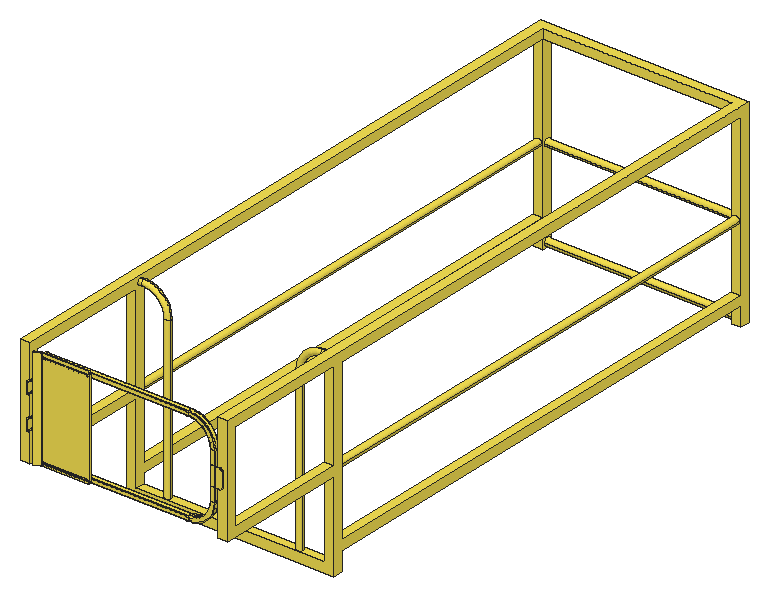
Revit family "Safety-Railing_Hatch_SafetyRail_HatchGuard", category Generic Models, Revit 2026
Family settings
  Can host rebar = No
  Round Connector Dimension = Use Diameter
  Part Type = Normal
  Classification Number = 23.30.80.11
  Work Plane-Based = Yes
  Always vertical = No
  Cut with Voids When Loaded = No
  Maintain Annotation Orientation = No
  Shared = No
  Room Calculation Point = No
Parameters (values of type "36 x 100 Opening")
  gatewidth = Opening Width + 0' 0 5/8"  # 3' - 0 5/8"
  gatearmwidth = Opening Width + 0' 0 5/8"  # 3' - 0 5/8"
  Warranty Duration (Years) = 0
  Unit Width = 3' - 8"
  Unit Length = 11' - 6 3/16"
  Unit Height = 3' - 6"
  URL = "http://www.safetyrailcompany.com/"
  Type Comments = "Custom Sizes Available"
  Standards Conformance = "OSHA"
  Specification = "http://www.arcat.com/sdspecs/htm04/05_52_17src.htm"
  SpecWizard = "http://www.arcat.com/specwizard/05522src/index04.htm"
  Send Message = ""
  Sales Information = "http://www.safetyrailcompany.com/contact-us/"
  Revision = "R1_2017-08"
  Product Properties = "http://www.safetyrailcompany.com/e-brochure/"
  Product Data = "http://www.arcat.com/arcatcos/cos47/arc47628.html"
  Opening Width = 3' - 0"
  Opening Depth = 8' - 4"
  Model = "Hatch Guard"
  Manufacturer Website = "http://www.safetyrailcompany.com/"
  Manufacturer Phone - Toll Free = "888-434-2720"
  Manufacturer Phone = ""
  Manufacturer Fax = "888-471-4931"
  Manufacturer Address = "4244 Shoreline Dr.  Spring Park, MN 55384"
  Manufacturer = "Safety Rail Company"
  Maintenance Schedule (Months) = 0
  Keynote = "05 52 17"
  Installation-Fabrication = ""
  Installation Phase = ""
  Green Building-LEED = "http://www.arcat.com/green/clients/leed_data_47628.html"
  Fixture Finish [instance] = SafetyRail - Powder Coat - Safety Yellow
  Expected Lifespan (Years) = 0
  Drawn By = "Sumex Design, Inc. / Robert S. Weygant, CSI, CDT, SCIP"
  Description = "Safety Rail Company Hatch Fall Protection - Hatch Guard 36100 as Specified"
  Default Elevation = 0' - 0"
  Copyright = "©Arcat Inc."
  Construction Details = "http://www.arcat.com/details/safrail/safrail.html?coid=47628"
  Assembly Code = ""
Types (5): name | gatewidth | gatearmwidth | Unit Width | Unit Length | Opening Width | Opening Depth | Description
  36 x 100 Opening | 3' - 0 5/8" | 3' - 0 5/8" | 3' - 8" | 11' - 6 3/16" | 3' - 0" | 8' - 4" | "Safety Rail Company Hatch Fall Protection - Hatch Guard 36100 as Specified"
  36 x 58 Opening | 3' - 0 5/8" | 3' - 0 5/8" | 3' - 8" | 7' - 4 3/16" | 3' - 0" | 4' - 10" | "Safety Rail Company Hatch Fall Protection - Hatch Guard 3658 as Specified"
  32 x 46 Opening | 2' - 8 5/8" | 2' - 8 5/8" | 4' - 6" | 6' - 6 3/16" | 2' - 8" | 3' - 10" | "Safety Rail Company Hatch Fall Protection - Hatch Guard 3246 as Specified"
  42 x 36 Opening | 3' - 0 5/8" | 3' - 0 5/8" | 3' - 8" | 6' - 4 3/16" | 3' - 0" | 3' - 6" | "Safety Rail Company Hatch Fall Protection - Hatch Guard 4236 as Specified"
  42 x 42 Opening | 3' - 6 5/8" | 3' - 6 5/8" | 4' - 2" | 6' - 2 3/16" | 3' - 6" | 3' - 6" | "Safety Rail Company Hatch Fall Protection - Hatch Guard 4242 as Specified"
Reference planes (in)
  plane 1 "Center (Front/Back)": y = 0
  plane 2 "Bottom": z = 0
  plane 3 "Center (Left/Right)": x = 0
  plane 4 "Front": y = -84.1875
  plane 5 "Back": y = 54
  plane 6 "Left": x = -22
  plane 7 "Right": x = 22
  plane 8 "Top": z = 42
  plane 9: y = 50
  plane 10: y = -50
  plane 11: x = -18
  plane 12: x = 18
Forms (in)
  Extrusion 1, solid, material "SafetyRail - Powder Coat - Safety Yellow" <- "Fixture Finish"
    sketch origin (0, 0, 0) x (1, 0, 0) y (0, 1, 0)
      loop
        line (-22, 54) -> (-22, 52) -> (-20, 52) -> (-20, 54) -> (-22, 54)
      loop
        line (22, 54) -> (20, 54) -> (20, 52) -> (22, 52) -> (22, 54)
      loop
        line (-22, -56) -> (-20, -56) -> (-20, -54) -> (-22, -54) -> (-22, -56)
      loop
        line (22, -56) -> (22, -54) -> (20, -54) -> (20, -56) -> (22, -56)
    from 0 to 42
  Extrusion 2, solid, material "SafetyRail - Powder Coat - Safety Yellow" <- "Fixture Finish"
    sketch origin (20, -56, 0) x (1, 0, 0) y (0, 0, 1)
      loop
        line (-40, 0) -> (0, 0) -> (0, 2) -> (-40, 2) -> (-40, 0)
    from 0 to -2
  Extrusion 3, solid, material "SafetyRail - Powder Coat - Safety Yellow" <- "Fixture Finish"
    sketch origin (20, -56, 0) x (1, 0, 0) y (0, 0, 1)
      loop
        line (-40, 4) -> (-40, 6) -> (-42, 6) -> (-42, 4) -> (-40, 4)
      loop
        line (0, 4) -> (2, 4) -> (2, 6) -> (0, 6) -> (0, 4)
    from 0 to -110
  Extrusion 4, solid, material "SafetyRail - Powder Coat - Safety Yellow" <- "Fixture Finish"
    sketch origin (22, 16.34522, 48) x (0, 1, 0) y (0, 0, 1)
      loop
        line (37.65478, -6) -> (-100.53272, -6) -> (-100.53272, -29) -> (-72.34522, -29) -> (-72.34522, -27) -> (-98.53272, -27) -> (-98.53272, -8) -> (37.65478, -8) -> (37.65478, -6)
    from 0 to -2
  Extrusion 5, solid, material "SafetyRail - Powder Coat - Safety Yellow" <- "Fixture Finish"
    sketch origin (-22, 16.34522, 48) x (0, 1, 0) y (0, 0, 1)
      loop
        line (-98.53272, -27) -> (-98.53272, -8) -> (37.65478, -8) -> (37.65478, -6) -> (-100.53272, -6) -> (-100.53272, -29) -> (-72.34522, -29) -> (-72.34522, -27) -> (-98.53272, -27)
    from 0 to 2
  Extrusion 6, solid, material "SafetyRail - Powder Coat - Safety Yellow" <- "Fixture Finish"
    sketch origin (20, -56, 0) x (1, 0, 0) y (0, 0, 1)
      loop
        circle (-41, 20) r 0.75
      loop
        circle (1, 20) r 0.75
    from 0 to -110
  Extrusion 7, solid, material "SafetyRail - Powder Coat - Safety Yellow" <- "Fixture Finish"
    sketch origin (0, 0, 0) x (0, 1, 0) y (0, 0, 1)
      loop
        line (52, 40) -> (54, 40) -> (54, 42) -> (52, 42) -> (52, 40)
      loop
        circle (53, 20) r 0.75
      loop
        circle (53, 1.125) r 0.75
    from -22 to 22
  Sweep 8, solid, material "SafetyRail - Powder Coat - Safety Yellow" <- "Fixture Finish"
    path origin (0, 0, 0) x (1, 0, 0) y (0, 0, 1)
      loop
        line (-14, 1.875) -> (-14, 36)
        arc (-14, 36) -> (-15.46447, 39.53553) -> (-19, 41) r 5
        line (-19, 41) -> (-20, 41)
    profile origin (-14, 0, 18.9375) x (-1, 0, 0) y (0, -1, 0)
      loop
        circle (0, 55) r 0.625
  Sweep 9, solid, material "SafetyRail - Powder Coat - Safety Yellow" <- "Fixture Finish"
    path origin (0, 0, 0) x (-1, 0, 0) y (0, 0, 1)
      loop
        line (-14, 1.875) -> (-14, 36)
        arc (-14, 36) -> (-15.46447, 39.53553) -> (-19, 41) r 5
        line (-19, 41) -> (-20, 41)
    profile origin (14, 0, 18.9375) x (-1, 0, 0) y (0, -1, 0)
      loop
        circle (0, 55) r 0.625
Cuts and joins
  joined: Extrusion 1, Extrusion 2, Extrusion 3, Extrusion 4, Extrusion 5, Extrusion 6, Extrusion 7
Lines and regions (in)
  model lines, style "GenericModelHiddenLines"
    curve 1: arc (-20, -124.1875, 19) -> (8.28427, -112.47177, 19) -> (20, -84.1875, 19) r 40
    curve 2: line (-20, -84.1875, 19) -> (-20, -124.1875, 19)
Dimensions and locks (in)
  equal spacing: plane 6 "Left", plane 3 "Center (Left/Right)", plane 7 "Right"
  "Unit Width": plane 6 "Left" to plane 7 "Right"
  "Unit Length": plane 5 "Back" to plane 4 "Front"
  "Unit Height": plane 8 "Top" to level
  equal spacing: plane 11, plane 3 "Center (Left/Right)", plane 12
  "Opening Width": plane 11 to plane 12
  equal spacing: plane 9, plane 1 "Center (Front/Back)", plane 10
  "Opening Depth": plane 9 to plane 10
  plane 6 "Left" to Extrusion 1 sketch curve to Extrusion 1 sketch curve = 0' - 0" locked, 0' - 2" locked
  plane 5 "Back" to Extrusion 1 sketch curve to Extrusion 1 sketch curve = 0' - 0" locked, 0' - 2" locked
  locked: Extrusion 1 sketch curve to Extrusion 1 sketch curve at 2  (x6)
  locked: plane 5 "Back" to plane 9 at 4
  locked: plane 10 to Extrusion 1 sketch curve at 4  (x2)
  locked: Extrusion 2 sketch curve to plane 6 "Left" at 2
  locked: plane 7 "Right" to Extrusion 2 sketch curve at 2
  locked: Extrusion 3 sketch curve to plane 6 "Left" at 2
  locked: plane 7 "Right" to Extrusion 3 sketch curve at 2
  locked: plane 4 "Front" to Extrusion 4 sketch curve at 2
  locked: Extrusion 4 sketch curve to plane 10 at 6
  plane 8 "Top" to Extrusion 4 sketch curve to Extrusion 4 sketch curve to Extrusion 4 sketch curve = 0' - 2" locked, 1' - 7" locked, 0' - 2" locked
  locked: plane 4 "Front" to Extrusion 5 sketch curve at 2
  locked: Extrusion 5 sketch curve to plane 10 at 6
  plane 8 "Top" to Extrusion 5 sketch curve to Extrusion 5 sketch curve to Extrusion 5 sketch curve = 0' - 2" locked, 1' - 7" locked, 0' - 2" locked
  locked: plane 8 "Top" to Extrusion 6 sketch curve at 22  (x2)
  locked: Extrusion 7 sketch curve to level at 1.125
  locked: plane 8 "Top" to Extrusion 7 sketch curve at 22
  locked: plane 8 "Top" to Extrusion 7 sketch curve at 2
  locked: nested 1 to plane 6 "Left" at 2
  locked: nested 1 to plane 4 "Front" at 2
  locked: curve 2 to plane 11 at 2
  locked: curve 1 to plane 7 "Right" at 2
  locked: Extrusion 6 sketch curve to plane 6 "Left" at 1
  locked: plane 7 "Right" to Extrusion 6 sketch curve at 1
  Sweep 8 sketch curve to Sweep 8 sketch curve to Sweep 8 sketch curve to plane 6 "Left" = 0' - 5" locked, 0' - 1" locked, 0' - 2" locked
  locked: plane 10 to Sweep 8 sketch curve at 5
  Sweep 9 sketch curve to Sweep 9 sketch curve to Sweep 9 sketch curve = 0' - 5" locked, 0' - 1" locked
  locked: plane 10 to Sweep 9 sketch curve at 5
  locked: plane 7 "Right" to Sweep 9 sketch curve at 2
  aligned and locked: plane 5 "Back" to Extrusion 1 sketch curve
  aligned and locked: Extrusion 1 sketch curve to plane 7 "Right"
  aligned and locked: plane 8 "Top" to Extrusion 1
  aligned and locked: Extrusion 3 sketch curve to plane 7 "Right"
  aligned and locked: Extrusion 3 sketch curve to plane 6 "Left"
  aligned and locked: plane 5 "Back" to Extrusion 3
  aligned and locked: Extrusion 4 sketch curve to plane 5 "Back"
  aligned and locked: plane 8 "Top" to Extrusion 4 sketch curve
  aligned and locked: Extrusion 4 sketch curve to plane 4 "Front"
  aligned and locked: Extrusion 5 sketch curve to plane 4 "Front"
  aligned and locked: plane 8 "Top" to Extrusion 5 sketch curve
  aligned and locked: plane 5 "Back" to Extrusion 5 sketch curve
  aligned and locked: plane 5 "Back" to Extrusion 6
  aligned and locked: Extrusion 7 sketch curve to plane 8 "Top"
  aligned and locked: Extrusion 7 to plane 6 "Left"
  aligned and locked: plane 7 "Right" to Extrusion 7
  aligned and locked: curve 1 to plane 4 "Front"
Automatic sketch dimensions
  Extrusion 1 sketch curve to plane 6 "Left" = 0' - 0"
  Extrusion 1 sketch curve to plane 7 "Right" = 0' - 0"
  Extrusion 2 sketch curve to Extrusion 1 = 0' - 0"
  Extrusion 1 to Extrusion 2 sketch curve = 0' - 2"
  Extrusion 1 to Extrusion 3 sketch curve = 0' - 4"  (x2)
  Extrusion 3 sketch curve to Extrusion 3 sketch curve = 0' - 2"  (x2)
  Extrusion 7 sketch curve to plane 5 "Back" = 0' - 0"
  Extrusion 7 sketch curve to plane 5 "Back" = 0' - 1"  (x2)
  Extrusion 7 sketch curve to plane 5 "Back" = 0' - 2"
  curve 2 to Extrusion 4 = 0' - 0"
  level to Sweep 8 sketch curve = 0' - 1 7/8"
  Sweep 8 sketch curve to plane 8 "Top" = 0' - 6"
  Sweep 8 sketch curve to profile plane = 0' - 0"
  plane 8 "Top" to Sweep 9 sketch curve = 0' - 6"
  Sweep 9 sketch curve to level = 0' - 1 7/8"
  Sweep 9 sketch curve to profile plane = 0' - 0"
  radius of Extrusion 6 sketch curve = 0' - 0 3/4"  (x2)
  radius of Extrusion 7 sketch curve = 0' - 0 3/4"  (x2)
  radius of Sweep 8 sketch curve = 0' - 0 5/8"
  radius of Sweep 9 sketch curve = 0' - 0 5/8"
Nested families (in)
  nested 1: "Gate_SafetyRail_SelfClosing_FF" at (-17.18, -82.3125, 5.25), Overall Width <- "gatewidth", Arm Length <- "gatearmwidth", Railing Finish <- "Fixture Finish", type "26-32"
    with Railing Finish SafetyRail - Powder Coat - Safety Yellow, Post Size 0' - 4.72224", Overall Width 3' - 0 5/8", Arm Length 3' - 0 5/8"
Definition of nested family "Gate_SafetyRail_SelfClosing_FF"
  Parameters
    Type Comments = "Overall Width adjustable between 30 and 36\" Inches"
    Post Size [instance] = 0' - 1.72224"
    Plate Width = 0' - 10 1/4"
    Overall Width [instance] = 2' - 2"
    Height_T.O. Gate = 3' - 0"
    Warranty Duration (Years) = 0
    URL = "http://www.bluewater-mfg.com"
    Specification = "http://www.arcat.com/sd/clients/bluewatm.html?coid=41461"
    Send Message = "http://admin.arcat.com/users.pl?action=UserEmail&company=BlueWater%20Mfg.,%20Inc.&coid=41461&rep=144&fax=952-448-3685&mf="
    Sales Information = "http://www.bluewater-mfg.com/Contact_Us.htm"
    Railing Height = 3' - 4 5/16"
    Railing Finish [instance] = none
    Product Properties = "http://www.arcat.com/bim/bim_info.pl?fn=Railing_BlueWater_Railing"
    Product Data = "http://www.arcat.com/arcatcos/cos41/arc41461.html"
    Model = "Component Railing"
    Manufacturer Website = "http://www.bluewater-mfg.com"
    Manufacturer Phone - Toll Free = "866-933-2935"
    Manufacturer Phone = "952-448-2935"
    Manufacturer Fax = "952-448-3685"
    Manufacturer Address = "4064 Peavey Rd., Chaska, MN 55318"
    Manufacturer = "BlueWater Mfg., Inc."
    Maintenance Schedule (Months) = 0
    Keynote = "05520"
    Installation-Fabrication = "http://www.bluewater-mfg.com/InstallTips.htm"
    Installation Phase = ""
    Green Building-LEED = "http://www.arcat.com/green/leed_info.php?coid=41461&prodid=121641&mf="
    Expected Lifespan (Years) = 0
    Drawn By = "Robert S. Weygant, CSI, CDT, SCIP"
    Description = "BlueWater Railing Section - Type as Specified in 05520"
    Default Elevation = 0' - 0"
    Copyright = "2009, ARCAT, Inc"
    Construction Details = "http://www.arcat.com/details/bluewatm/prod1127.html"
    Building Codes = "http://www.bluewater-mfg.com/OSHA.htm"
    Assembly Code = ""
    Arm Length [instance] = 1' - 11 1/4"
  Reference planes (in)
    plane 1 "Center (Front/Back)": y = -2
    plane 2: z = 0
    plane 3 "Left": x = 0
    plane 4 "End": x = 10.25
    plane 5: z = 14.5
    plane 6 "TopRailCL": z = 36
    plane 7: x = 26
    plane 8: x = 2.75
    plane 9 "Lower Hinge": z = 20.425
    plane 10 "Upper Hinge": z = 29.91
    plane 11: x = -2.82
    plane 12: x = -1.4
    plane 13 "UpperClamp": z = 28.66
    plane 14 "LowerClamp": z = 21.675
    plane 15: y = 0.125
    plane 16: x = -2.82
    plane 17 "Catch Plate": x = -4.54224
  Forms (in)
    Extrusion 1, solid, material <- "Railing Finish"
      sketch origin (0, -2, 0) x (1, 0, 0) y (0, 0, 1)
        loop
          line (0, 36) -> (0, 14.5) -> (9.75, 14.5)
          arc (9.75, 14.5) -> (10.10355, 14.64645) -> (10.25, 15) r 0.5
          line (10.25, 15) -> (10.25, 35.5)
          arc (10.25, 35.5) -> (10.10355, 35.85355) -> (9.75, 36) r 0.5
          line (9.75, 36) -> (0, 36)
        loop
          line (0.5, 35) -> (9.75, 35)
          arc (9.75, 35) -> (10, 35.25) -> (9.75, 35.5) r 0.25
          line (9.75, 35.5) -> (0.5, 35.5)
          arc (0.5, 35.5) -> (0.25, 35.25) -> (0.5, 35) r 0.25
        loop
          arc (0.5, 15.5) -> (0.25, 15.25) -> (0.5, 15) r 0.25
          line (0.5, 15) -> (9.75, 15)
          arc (9.75, 15) -> (10, 15.25) -> (9.75, 15.5) r 0.25
          line (9.75, 15.5) -> (0.5, 15.5)
      from 0 to 0.25
    Sweep 2, solid, material <- "Railing Finish"
      path origin (0, -2, 0) x (1, 0, 0) y (0, 0, 1)
        loop
          line (2.75, 35.75) -> (20.39844, 35.75)
          arc (20.39844, 35.75) -> (24.35934, 34.10934) -> (26, 30.14844) r 5.60156
          line (26, 30.14844) -> (26, 20.35156)
          arc (26, 20.35156) -> (24.35934, 16.39066) -> (20.39844, 14.75) r 5.60156
          line (20.39844, 14.75) -> (2.75, 14.75)
      profile origin (11.57422, -2, 35.75) x (0, 0, 1) y (0, -1, 0)
        loop
          arc (-0.0129, -0.08348) -> (-0.0306, -0.0306) -> (-0.08348, -0.0129) r 0.0625
          arc (-0.08348, -0.0129) -> (-0.5, -0.04196) -> (-0.91652, -0.0129) r 3
          arc (-0.91652, -0.0129) -> (-0.9694, -0.0306) -> (-0.9871, -0.08348) r 0.0625
          arc (-0.9871, -0.08348) -> (-0.95804, -0.5) -> (-0.9871, -0.91652) r 3
          arc (-0.9871, -0.91652) -> (-0.9694, -0.9694) -> (-0.91652, -0.9871) r 0.0625
          arc (-0.91652, -0.9871) -> (-0.5, -0.95804) -> (-0.08348, -0.9871) r 3
          arc (-0.08348, -0.9871) -> (-0.0306, -0.9694) -> (-0.0129, -0.91652) r 0.0625
          arc (-0.0129, -0.91652) -> (-0.04196, -0.5) -> (-0.0129, -0.08348) r 3
    Extrusion 3, solid, material <- "Railing Finish"
      sketch origin (0, -2, 0) x (1, 0, 0) y (0, 0, 1)
        loop
          line (-1.4, 29.91) -> (-2.695, 29.91)
          arc (-2.695, 29.91) -> (-2.78339, 29.87339) -> (-2.82, 29.785) r 0.125
          line (-2.82, 29.785) -> (-2.82, 27.535)
          arc (-2.82, 27.535) -> (-2.78339, 27.44661) -> (-2.695, 27.41) r 0.125
          line (-2.695, 27.41) -> (-1.4, 27.41) -> (-1.4, 27.535) -> (-2.535, 27.535)
          arc (-2.535, 27.535) -> (-2.62339, 27.57161) -> (-2.66, 27.66) r 0.125
          line (-2.66, 27.66) -> (-2.66, 29.66)
          arc (-2.66, 29.66) -> (-2.62339, 29.74839) -> (-2.535, 29.785) r 0.125
          line (-2.535, 29.785) -> (-1.4, 29.785) -> (-1.4, 29.91)
        loop
          line (-1.4, 22.925) -> (-2.695, 22.925)
          arc (-2.695, 22.925) -> (-2.78339, 22.88839) -> (-2.82, 22.8) r 0.125
          line (-2.82, 22.8) -> (-2.82, 20.55)
          arc (-2.82, 20.55) -> (-2.78339, 20.46161) -> (-2.695, 20.425) r 0.125
          line (-2.695, 20.425) -> (-1.4, 20.425) -> (-1.4, 20.55) -> (-2.535, 20.55)
          arc (-2.535, 20.55) -> (-2.62339, 20.58661) -> (-2.66, 20.675) r 0.125
          line (-2.66, 20.675) -> (-2.66, 22.675)
          arc (-2.66, 22.675) -> (-2.62339, 22.76339) -> (-2.535, 22.8) r 0.125
          line (-2.535, 22.8) -> (-1.4, 22.8) -> (-1.4, 22.925)
      from -4.04673 to 0.69141
    Extrusion 4, solid, material <- "Railing Finish"
      sketch origin (0, 0, 36) x (-1, 0, 0) y (0, -1, 0)
        loop
          line (0.125, 2) -> (1.40008, 2.62971) -> (1.28937, 2.85387) -> (0.125, 2.27883)
          arc (0.125, 2.27883) -> (0.06418, 2.25713) -> (0, 2.25) r 0.27887
          line (0, 2.25) -> (0, 2) -> (0.125, 2)
      from -21.5 to 0
    Extrusion 5, void
      sketch origin (0, 0, 28.66) x (-1, 0, 0) y (0, -1, 0)
        loop
          line (1.4, -2.04673) -> (1.9, -2.04673) -> (1.4, -1.04673) -> (1.4, -2.04673)
        loop
          line (1.4, 2.69141) -> (1.4, 1.44141) -> (1.9, 1.44141)
          arc (1.9, 1.44141) -> (2.29499, 1.60501) -> (2.45859, 2) r 0.55859
          line (2.45859, 2) -> (2.45859, 2.69141) -> (1.4, 2.69141)
      from -8.235 to 1.25
    Extrusion 6, solid, material <- "Railing Finish"
      sketch origin (0, 0, 0) x (0, 1, 0) y (0, 0, 1)
        loop
          line (-2, 29.785) -> (-2, 29.66) -> (-1.625, 29.66) -> (-1.625, 27.66) -> (-2, 27.66) -> (-2, 27.535) -> (-1.5, 27.535) -> (-1.5, 29.785) -> (-2, 29.785)
        loop
          line (-2, 22.8) -> (-2, 22.675) -> (-1.625, 22.675) -> (-1.625, 20.675) -> (-2, 20.675) -> (-2, 20.55) -> (-1.5, 20.55) -> (-1.5, 22.8) -> (-2, 22.8)
      from -2.53529 to 0
    Extrusion 7, solid, material <- "Railing Finish"
      sketch origin (0, -2, 0) x (1, 0, 0) y (0, 0, 1)
        loop
          line (25.25, 27.25) -> (25.25, 23.25) -> (27, 23.25)
          arc (27, 23.25) -> (27.53033, 23.46967) -> (27.75, 24) r 0.75
          line (27.75, 24) -> (27.75, 26.5)
          arc (27.75, 26.5) -> (27.53033, 27.03033) -> (27, 27.25) r 0.75
          line (27, 27.25) -> (25.25, 27.25)
      from 0 to 0.125
  Cuts and joins
    joined: Extrusion 1, Extrusion 4
    Extrusion 5 cuts Extrusion 3
  Dimensions and locks (in)
    "Height_T.O. Gate": plane 6 "TopRailCL" to plane 2
    locked: plane 6 "TopRailCL" to plane 5 at 21.5
    "Plate Width": plane 4 "End" to plane 3 "Left"
    "Overall Width": plane 7 to plane 3 "Left"
    "Arm Length": plane 7 to plane 8
    locked: Sweep 2 sketch curve to plane 5 at 0.25
    locked: plane 6 "TopRailCL" to Sweep 2 sketch curve at 0.25
    plane 6 "TopRailCL" to Extrusion 1 sketch curve to Extrusion 1 sketch curve = 0' - 0 1/2" locked, 0' - 0 1/2" locked
    Extrusion 1 sketch curve to Extrusion 1 sketch curve to plane 5 = 0' - 0 1/2" locked, 0' - 0 1/2" locked
    plane 6 "TopRailCL" to plane 10 "Upper Hinge" = 0' - 6.09"
    plane 9 "Lower Hinge" to plane 5 = 0' - 5.925"
    locked: Extrusion 3 sketch curve to plane 11 at 0.16
    plane 10 "Upper Hinge" to Extrusion 3 sketch curve to Extrusion 3 sketch curve to Extrusion 3 sketch curve = 0' - 0 1/8" locked, 0' - 2 1/4" locked, 0' - 0 1/8" locked
    Extrusion 3 sketch curve to Extrusion 3 sketch curve to Extrusion 3 sketch curve to Extrusion 3 sketch curve = 0' - 0 1/8" locked, 0' - 2 1/4" locked, 0' - 0 1/8" locked
    locked: Extrusion 3 to Extrusion 3 at 4.73813
    locked: plane 3 "Left" to plane 12 at 1.4
    locked: plane 10 "Upper Hinge" to plane 13 "UpperClamp" at 1.25
    locked: plane 14 "LowerClamp" to plane 9 "Lower Hinge" at 1.25
    Extrusion 6 sketch curve to Extrusion 6 sketch curve to plane 1 "Center (Front/Back)" = 0' - 0 1/8" locked, 0' - 0 3/8" locked
    Extrusion 6 sketch curve to Extrusion 6 sketch curve to Extrusion 6 sketch curve to Extrusion 6 sketch curve to plane 10 "Upper Hinge" = 0' - 0 1/8" locked, 0' - 2" locked, 0' - 0 1/8" locked, 0' - 0 1/8" locked
    locked: Extrusion 6 to plane 12 at 1.13529
    locked: Extrusion 6 sketch curve to Extrusion 6 sketch curve at 0.125
    plane 9 "Lower Hinge" to Extrusion 6 sketch curve to Extrusion 6 sketch curve to Extrusion 6 sketch curve to Extrusion 6 sketch curve = 0' - 0 1/8" locked, 0' - 0 1/8" locked, 0' - 2" locked, 0' - 0 1/8" locked
    locked: Extrusion 7 sketch curve to Extrusion 7 sketch curve at 4
    locked: plane 6 "TopRailCL" to Extrusion 7 sketch curve at 8.75
    locked: plane 7 to Extrusion 7 sketch curve at 0.75
    locked: Extrusion 7 sketch curve to Extrusion 7 sketch curve at 2.5
    locked: plane 1 "Center (Front/Back)" to Extrusion 5 sketch curve at 0.55859
    locked: Extrusion 5 sketch curve to plane 12 at 0.5
    Extrusion 5 sketch curve to Extrusion 5 sketch curve to plane 15 = 0' - 1" locked, 0' - 0.92173" locked
    locked: plane 16 to plane 12 at 1.42
    "Post Size": plane 17 "Catch Plate" to plane 16
    aligned and locked: Extrusion 1 sketch curve to plane 6 "TopRailCL"
    aligned and locked: plane 3 "Left" to Extrusion 1 sketch curve
    aligned and locked: plane 5 to Extrusion 1 sketch curve
    aligned and locked: Extrusion 1 sketch curve to plane 4 "End"
    aligned and locked: plane 8 to Sweep 2 sketch curve  (x2)
    aligned and locked: Sweep 2 sketch curve to plane 7
    aligned and locked: Extrusion 3 sketch curve to plane 11  (x2)
    aligned and locked: Extrusion 3 sketch curve to plane 10 "Upper Hinge"
    aligned and locked: Extrusion 3 sketch curve to plane 9 "Lower Hinge"
    aligned and locked: Extrusion 3 sketch curve to plane 12  (x4)
    aligned and locked: Extrusion 4 to plane 5
    aligned and locked: Extrusion 5 to plane 9 "Lower Hinge"
    aligned and locked: Extrusion 5 to plane 10 "Upper Hinge"
    aligned and locked: plane 1 "Center (Front/Back)" to Extrusion 6 sketch curve  (x2)
    aligned and locked: plane 3 "Left" to Extrusion 6
    aligned and locked: Extrusion 5 sketch curve to plane 12
    aligned and locked: plane 12 to Extrusion 5 sketch curve
    aligned and locked: cut or joined group of Extrusion 3, Extrusion 5 to Extrusion 5 sketch curve
  Automatic sketch dimensions
    Sweep 2 sketch curve to Sweep 2 sketch curve = 0' - 5 77/128"
    Sweep 2 sketch curve to plane 7 = 0' - 5 77/128"
    Sweep 2 sketch curve to plane 1 "Center (Front/Back)" = 0' - 0 1/2"  (x2)
    Sweep 2 sketch curve to plane 1 "Center (Front/Back)" = 0' - 0.0748"  (x2)
    Sweep 2 sketch curve to Sweep 2 sketch curve = 0' - 0"  (x8)
    profile plane to Sweep 2 sketch curve = 0' - 0 1/2"  (x2)
    profile plane to Sweep 2 sketch curve = 0' - 0.0748"  (x2)
    Sweep 2 sketch curve to profile plane = 0' - 2.95804"
    Sweep 2 sketch curve to plane 1 "Center (Front/Back)" = 0' - 0.9252"
    Sweep 2 sketch curve to Sweep 2 sketch curve = 0' - 3.03284"
    plane 1 "Center (Front/Back)" to Sweep 2 sketch curve = 0' - 2.95804"
    Sweep 2 sketch curve to Sweep 2 sketch curve = 0' - 0.06189"  (x2)
    Sweep 2 sketch curve to Sweep 2 sketch curve = 0' - 0.00868"  (x2)
    plane 3 "Left" to Extrusion 1 sketch curve = 0' - 0 1/2"  (x2)
    Extrusion 1 sketch curve to plane 4 "End" = 0' - 0 1/2"  (x2)
    Extrusion 1 sketch curve to Extrusion 1 sketch curve = 0' - 0"  (x2)
    plane 11 to Extrusion 3 sketch curve = 0' - 0 1/8"  (x2)
    plane 10 "Upper Hinge" to Extrusion 3 sketch curve = 0' - 0 1/8"
    Extrusion 3 sketch curve to Extrusion 3 sketch curve = 0' - 0 1/8"
    Extrusion 3 sketch curve to Extrusion 3 sketch curve = 0' - 0.035"
    Extrusion 3 sketch curve to Extrusion 3 sketch curve = 0' - 0.16"  (x4)
    plane 1 "Center (Front/Back)" to Extrusion 4 sketch curve = 0' - 0"
    Extrusion 4 sketch curve to plane 3 "Left" = 0' - 0"
    Extrusion 4 sketch curve to plane 3 "Left" = 0' - 0.00152"
    Extrusion 4 sketch curve to plane 3 "Left" = 0' - 0 1/8"
    Extrusion 4 sketch curve to Extrusion 4 sketch curve = 0' - 0 1/8"
    Extrusion 4 sketch curve to plane 12 = 0' - 0.11063"
    plane 12 to Extrusion 4 sketch curve = 0' - 0.00008"
    Extrusion 4 sketch curve to Extrusion 4 sketch curve = 0' - 0 1/4"
    Extrusion 4 sketch curve to Extrusion 4 sketch curve = 0' - 0.02883"
    Extrusion 6 sketch curve to plane 1 "Center (Front/Back)" = 0' - 0"  (x2)
    Extrusion 6 sketch curve to plane 1 "Center (Front/Back)" = 0' - 0 3/8"
    plane 7 to Extrusion 7 sketch curve = 0' - 1"  (x2)
    plane 1 "Center (Front/Back)" to Extrusion 5 sketch curve = 0' - 0"
    Extrusion 5 sketch curve to Extrusion 5 sketch curve = 0' - 0 1/2"
